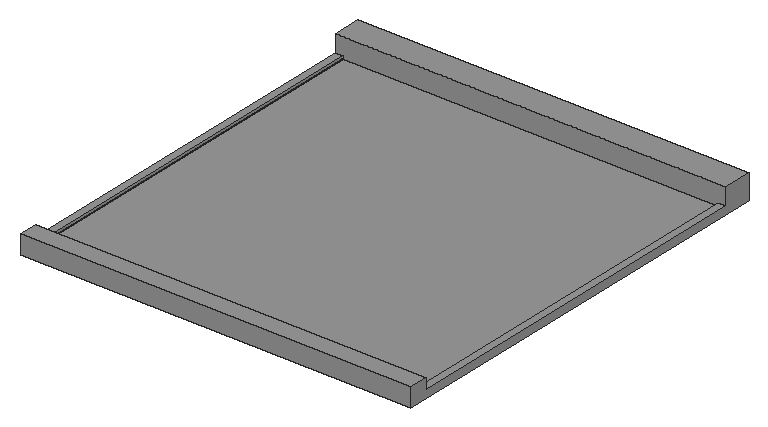
Revit family "protivipozarnae_stora_firetechnics-h_gorizontalnay", category Двери, Revit 2018
Family settings
  На основе рабочей плоскости = Да
  Всегда вертикально = Нет
  При загрузке вырезать с полостями = Нет
  Общий = Нет
  Точка расчета площади = Нет
Parameters (values of type "Противопожарная штора Firetechnics-H "Горизонтальная"")
  Ширина нижнего короба = 150 mm  # constant formula
  Ширина вернего короба = 220 mm  # constant formula
  Width = ADSK_Размер_Ширина  # 3000 mm
  Разработано = "support@bimlib.ru"  # constant formula
  Полотно закрыто [instance] = yes
  Материал полотна = Полотно
  Материал нижнего корпуса = Сталь_оцинкованная_листовая_2мм_Firetechnics
  Материал корпуса = Сталь_оцинкованная_листовая Firetechnics
  Изготовитель = "Firetechnics"  # constant formula
  Высота рабочего короба = 175 mm  # constant formula
  Высота полотна = 1 mm  # constant formula
  Ширина направляющей = 60 mm  # constant formula
  Default Elevation = 1219.2 mm
  Высота нижнего короба = 150 mm  # constant formula
  Высота направляющей = 60 mm  # constant formula
  Высота верхнего короба = 200 mm  # constant formula
  Height = ADSK_Размер_Высота  # 3000 mm
  Аналитическая конструкция = "<Нет>"
  URL = "https://www.fire-tec.ru/"
  ADSK_Размер_Ширина = 3000 mm
  ADSK_Размер_Высота = 3000 mm
  ADSK_Примечание [instance] = ""
  ADSK_Предел огнестойкости = "EI60"
  ADSK_Позиция [instance] = ""
  ADSK_Обозначение = ""
  ADSK_Наименование = "Противопожарная штора Firetechnics-H \"Горизонтальная\""
  ADSK_Масса_Текст = ""
  ADSK_Завод-изготовитель = Изготовитель  # "Firetechnics"
  ADSK_Единица измерения = ""
  ADSK_URL страницы изделия = "https://www.fire-tec.ru/catalog/protivopozharnye-shtory/avtomaticheskaya-protivopozharnaya-shtora-fireshield-h-gorizontalnaya/"
  ADSK_URL документации изделия = ""
Reference planes
  plane 1 "По центру (Вперед/Назад)": y = 0
  plane 2: z = 25
  plane 3 "По центру (Влево/Вправо)": x = 0
  plane 4: z = 60
  plane 5: z = 38.296
  plane 6: z = 37.296
  plane 7: x = -1500
  plane 8: y = 1500
  plane 9: y = -1500
  plane 10: x = 1500
  plane 11: x = -1560
  plane 12: z = 200
  plane 13: y = -1650
  plane 14: z = 150
  plane 15: y = 1720
  plane 16: x = 1560
Forms (mm)
  Extrusion 1, solid, material "Сталь_оцинкованная_листовая_2мм_Firetechnics" <- "Материал нижнего корпуса"
    sketch origin (0, 0, 0) x (1, 0, 0) y (0, 0, 1)
      loop
        line (-1560, 60) -> (-1560, 0) -> (-1500, 0) -> (-1500, 37.296) -> (-1500, 38.296) -> (-1500, 60) -> (-1560, 60)
    from -1500 to 1500
  Extrusion 2, solid, material "Сталь_оцинкованная_листовая_2мм_Firetechnics" <- "Материал нижнего корпуса"
    sketch origin (0, 0, 0) x (1, 0, 0) y (0, 1, 0)
      loop
        line (-1560, 1500) -> (1560, 1500) -> (1560, 1720) -> (-1560, 1720) -> (-1560, 1500)
    from 0 to 200
  Extrusion 3, solid, material "Полотно" <- "Материал полотна", visible <- "Полотно закрыто"
    sketch origin (0, 0, 0) x (0, 1, 0) y (0, 0, 1)
      loop
        line (1500, 38.296) -> (-1500, 38.296) -> (-1500, 37.296) -> (1500, 37.296) -> (1500, 38.296)
    from -1500 to 1500
  Extrusion 4, solid, material "Сталь_оцинкованная_листовая_2мм_Firetechnics" <- "Материал нижнего корпуса"
    sketch origin (0, 0, 0) x (0, 1, 0) y (0, 0, 1)
      loop
        line (-1500, 0) -> (-1500, 150) -> (-1650, 150) -> (-1650, 0) -> (-1500, 0)
    from -1560 to 1560
  Extrusion 5, solid, material "Сталь_оцинкованная_листовая_2мм_Firetechnics" <- "Материал нижнего корпуса"
    sketch origin (0, 0, 0) x (-1, 0, 0) y (0, 0, -1)
      loop
        line (-1560, -60) -> (-1500, -60) -> (-1500, -38.296) -> (-1525, -38.296) -> (-1525, -37.296) -> (-1500, -37.296) -> (-1500, 0) -> (-1560, 0) -> (-1560, -60)
    from -1500 to 1500
Cuts and joins
  joined: Extrusion 1, Extrusion 2, Extrusion 4, Extrusion 5
Lines and regions (mm)
  symbolic lines, detail levels coarse+medium
    curve 1: line (-1500, 0, 200) -> (-1500, 0, 0)
    curve 2: line (1500, 0, 200) -> (1500, 0, 0)
    curve 3: line (-1500, 0, 100) -> (1500, 0, 100)
  model lines
    curve 4: line (-1560, 1500, 0) -> (-1560, 1610, 0)
  symbolic lines
    curve 5: line (-1560, 1610, 0) -> (1560, 1610, 0)
    curve 6: line (1560, 1720, 0) -> (1560, 1500, 0)
  symbolic lines, style "Doors"
    curve 7: line (-1560, 1720, 0) -> (-1560, 1500, 0)
Dimensions and locks
  equal spacing: plane 8, plane 1 "По центру (Вперед/Назад)", plane 9
  "Height": plane 8 to plane 9
  "Ширина направляющей": plane 7 to plane 11
  "Высота направляющей": plane 4 to level
  "Высота нижнего короба": level to plane 14
  "Высота верхнего короба": plane 12 to level
  "Высота полотна": plane 5 to plane 6
  "Ширина нижнего короба": plane 9 to plane 13
  "Ширина вернего короба": plane 15 to plane 8
  "Высота направляющей": plane 16 to plane 10
  "Width": plane 7 to plane 10
  equal spacing: plane 7, plane 3 "По центру (Влево/Вправо)", plane 10
  aligned and locked: plane 4 to Extrusion 1
  aligned and locked: Extrusion 1 to plane 11
  aligned and locked: Extrusion 1 to level
  aligned and locked: Extrusion 1 sketch curve to plane 7  (x2)
  aligned and locked: Extrusion 1 to plane 9
  aligned and locked: plane 8 to Extrusion 1
  aligned and locked: plane 5 to Extrusion 3
  aligned and locked: Extrusion 3 to plane 6
  aligned and locked: Extrusion 3 to plane 9
  aligned and locked: plane 8 to Extrusion 3
  aligned and locked: Extrusion 4 to plane 11
  aligned and locked: Extrusion 4 to plane 14
  aligned and locked: Extrusion 3 to Extrusion 1
  aligned and locked: plane 16 to Extrusion 4
  aligned and locked: Extrusion 2 to Extrusion 4
  aligned and locked: Extrusion 5 to plane 10  (x2)
  aligned and locked: cut or joined group of Extrusion 1, Extrusion 2, Extrusion 4, Extrusion 5 to plane 7
  aligned and locked: plane 10 to Extrusion 3
  aligned and locked: cut or joined group of Extrusion 1, Extrusion 2, Extrusion 4, Extrusion 5 to plane 8
  aligned and locked: plane 9 to cut or joined group of Extrusion 1, Extrusion 2, Extrusion 4, Extrusion 5
Automatic sketch dimensions
  Extrusion 1 sketch curve to plane 4 = 0 mm
  Extrusion 1 sketch curve to plane 11 = 0 mm
  Extrusion 1 sketch curve to level = 0 mm
  Extrusion 2 sketch curve to plane 8 = 0 mm
  Extrusion 2 sketch curve to plane 11 = 0 mm
  plane 10 to Extrusion 2 sketch curve = 60 mm
  Extrusion 2 sketch curve to plane 15 = 0 mm
  Extrusion 3 sketch curve to plane 5 = 0 mm
  Extrusion 3 sketch curve to plane 9 = 0 mm
  Extrusion 3 sketch curve to plane 6 = 0 mm
  Extrusion 3 sketch curve to plane 8 = 0 mm
  Extrusion 4 sketch curve to level = 0 mm
  Extrusion 4 sketch curve to plane 13 = 0 mm
  Extrusion 4 sketch curve to plane 9 = 0 mm
  plane 14 to Extrusion 4 sketch curve = 0 mm
  Extrusion 5 sketch curve to plane 4 = 0 mm
  Extrusion 5 sketch curve to plane 16 = 0 mm
  Extrusion 5 sketch curve to plane 6 = 0 mm
  Extrusion 5 sketch curve to plane 5 = 0 mm
  Extrusion 5 sketch curve to plane 10 = 0 mm  (x2)
  Extrusion 5 sketch curve to level = 0 mm
  Extrusion 5 sketch curve to plane 10 = 25 mm
  curve 1 to level = 0 mm
  curve 2 to plane 10 = 0 mm
  curve 2 to level = 0 mm
  curve 2 to plane 12 = 0 mm
  curve 1 to plane 12 = 0 mm
  curve 3 to plane 7 = 0 mm
  plane 4 to curve 3 = 40 mm
  curve 6 to plane 16 = 0 mm
  plane 8 to curve 6 = 0 mm
  plane 8 to curve 5 = 110 mm
  curve 5 to plane 11 = 0 mm
  plane 15 to curve 6 = 0 mm
  curve 5 to plane 16 = 0 mm
  Extrusion 1 sketch curve to plane 6 = 0 mm  (x2)
  Extrusion 1 sketch curve to plane 7 = 0 mm
  Extrusion 1 sketch curve to plane 5 = 0 mm  (x2)
  curve 7 to plane 8 = 0 mm
  curve 7 to plane 11 = 0 mm
  curve 7 to plane 15 = 0 mm
  curve 4 to plane 8 = 0 mm
